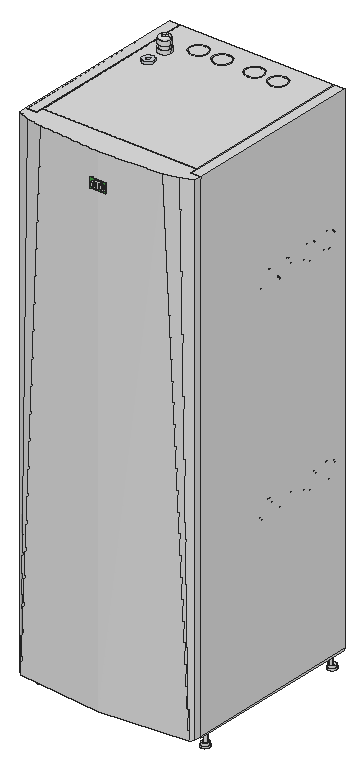
Revit family "HVAC_HeatPumpBW_Enertech_CTC-EcoPart-400_Basic", category Specialty Equipment, Revit 2020 (continued)
Automatic sketch dimensions
  curve 345 to curve 347 = 1.414 mm
  plane 8 to curve 167 = 40.305 mm
  curve 166 to curve 167 = 2.332 mm
  level to curve 346 = 26.828 mm
  curve 165 to curve 170 = 4.096 mm
  curve 284 to curve 290 = 27.466 mm
  curve 279 to curve 286 = 27.466 mm
  curve 203 to curve 206 = 27.466 mm
  curve 198 to curve 210 = 27.466 mm
  curve 206 to curve 200 = 1 mm
  curve 284 to curve 275 = 28.466 mm
  curve 278 to curve 289 = 2 mm
  curve 286 to curve 285 = 2 mm
  curve 198 to curve 209 = 2 mm
  curve 199 to curve 205 = 2 mm
  curve 167 to curve 176 = 6.7 mm
  level to curve 347 = 16.828 mm
  curve 345 to curve 347 = 8.587 mm
  level to curve 346 = 18.242 mm
  curve 348 to curve 346 = 1.414 mm
  curve 349 to curve 348 = 1.414 mm  (x2)
  level to curve 350 = 18.242 mm
  level to curve 351 = 16.828 mm
  level to curve 350 = 26.409 mm
  curve 349 to curve 350 = 8.167 mm
  curve 176 to curve 175 = 22.169 mm
  curve 195 to curve 207 = 28.466 mm
  curve 275 to curve 288 = 28.466 mm
  curve 287 to curve 276 = 0 mm
  curve 208 to curve 201 = 0 mm
  curve 201 to curve 207 = 2.001 mm
  curve 276 to curve 288 = 2.001 mm
  curve 208 to curve 202 = 0 mm
  curve 287 to curve 275 = 0 mm
  curve 175 to curve 160 = 4.936 mm
  curve 175 to curve 162 = 6.7 mm
  curve 162 to curve 161 = 2.332 mm
  curve 162 to curve 125 = 4.216 mm
  curve 195 to curve 188 = 19.066 mm
  curve 187 to curve 181 = 0 mm
  curve 275 to curve 300 = 19.066 mm
  curve 299 to curve 300 = 0 mm
  curve 296 to curve 299 = 2.001 mm
  curve 184 to curve 187 = 2.001 mm
  curve 300 to curve 295 = 0 mm
  curve 188 to curve 183 = 0 mm
  curve 295 to curve 302 = 27.466 mm
  curve 187 to curve 190 = 27.466 mm
  curve 188 to curve 194 = 27.466 mm
  curve 294 to curve 306 = 27.466 mm
  curve 190 to curve 182 = 1 mm
  curve 302 to curve 291 = 1 mm
  curve 190 to curve 189 = 2 mm
  curve 181 to curve 193 = 2 mm
  curve 294 to curve 305 = 2 mm
  curve 302 to curve 301 = 2 mm
  level to curve 140 = 4 mm
  curve 140 to plane 6 = 46.48 mm
  curve 179 to curve 191 = 28.466 mm
  curve 192 to curve 191 = 0 mm
  curve 291 to curve 303 = 28.466 mm
  curve 304 to curve 297 = 0 mm
  curve 140 to curve 307 = 2 mm
  curve 292 to curve 304 = 2.001 mm
  curve 303 to curve 291 = 0 mm
  curve 192 to curve 192 = 2.001 mm
  curve 191 to curve 179 = 0 mm
  curve 138 to curve 138 = 7.375 mm
  curve 142 to curve 311 = 10 mm
  curve 132 to curve 135 = 7.375 mm
  curve 135 to curve 136 = 2 mm
  curve 133 to plane 6 = 4 mm
  plane 6 to curve 111 = 1 mm
  plane 6 to curve 116 = 1 mm
  plane 6 to curve 108 = 1 mm
  curve 146 to curve 144 = 8 mm
  curve 139 to curve 139 = 8 mm
  curve 330 to curve 330 = 1.414 mm
  curve 316 to curve 316 = 1.414 mm
  curve 326 to curve 326 = 1.414 mm
  curve 153 to curve 143 = 0 mm
  curve 142 to curve 311 = 0 mm
  curve 154 to curve 355 = 24.5 mm
  curve 130 to curve 129 = 24.518 mm
  curve 331 to curve 254 = 573.124 mm
  curve 254 to curve 253 = 0 mm
  curve 253 to curve 286 = 0 mm
  curve 286 to curve 285 = 0 mm
  curve 282 to curve 301 = 0 mm
  curve 302 to curve 298 = 0 mm
  curve 253 to curve 269 = 0 mm
  curve 270 to curve 266 = 0 mm
  curve 270 to curve 270 = 2.001 mm
  curve 254 to curve 254 = 2.001 mm
  curve 286 to curve 286 = 2.001 mm
  curve 301 to curve 301 = 2.001 mm
  curve 283 to curve 284 = 2 mm
  curve 267 to curve 268 = 2 mm
  curve 250 to curve 256 = 2 mm
  curve 265 to curve 272 = 2 mm
  curve 296 to curve 300 = 2 mm
  curve 247 to curve 252 = 2 mm
  curve 287 to curve 288 = 2 mm
  curve 297 to curve 304 = 2 mm
  curve 221 to plane 8 = 460.467 mm
  curve 222 to curve 218 = 0 mm
  curve 237 to curve 216 = 0 mm
  curve 221 to curve 189 = 0 mm
  curve 190 to curve 186 = 0 mm
  curve 238 to curve 234 = 0 mm
  curve 206 to curve 184 = 0 mm
  curve 206 to curve 205 = 0 mm
  curve 206 to curve 206 = 2.001 mm
  curve 232 to curve 238 = 2.001 mm
  curve 190 to curve 190 = 2.001 mm
  curve 222 to curve 222 = 2.001 mm
  curve 234 to curve 240 = 2 mm
  curve 191 to curve 192 = 2 mm
  curve 200 to curve 204 = 2 mm
  curve 183 to curve 188 = 2 mm
  curve 232 to curve 236 = 2 mm
  curve 201 to curve 208 = 2 mm
  curve 218 to curve 224 = 2 mm
  curve 215 to curve 220 = 2 mm
  curve 129 to curve 105 = 199.429 mm
  curve 116 to curve 114 = 28 mm
  curve 113 to curve 112 = 22 mm
  curve 111 to curve 111 = 28 mm
  curve 110 to curve 107 = 22 mm
  curve 107 to curve 107 = 28 mm
  plane 8 to curve 159 = 11 mm
  curve 158 to curve 160 = 14.2 mm
  curve 162 to curve 123 = 6.695 mm
  plane 7 to curve 356 = 13.426 mm
  curve 356 to curve 355 = 9.24 mm
  curve 355 to curve 354 = 15.898 mm
  curve 353 to curve 155 = 4 mm
  curve 174 to curve 176 = 0 mm
  curve 174 to curve 175 = 0 mm  (x2)
  curve 142 to curve 312 = 19.518 mm
  Extrusion 26 sketch curve to plane 3 "Center (Left/Right)" = 135 mm  (x2)
  Extrusion 26 sketch curve to plane 3 "Center (Left/Right)" = 55 mm  (x2)
  plane 3 "Center (Left/Right)" to Extrusion 26 sketch curve = 54.984 mm  (x2)
  Extrusion 26 sketch curve to Extrusion 26 sketch curve = 80 mm  (x2)
  level to Extrusion 26 sketch curve = 630 mm
  Extrusion 26 sketch curve to Extrusion 26 sketch curve = 0 mm  (x6)
  Extrusion 26 sketch curve to plane 8 = 430 mm
  curve 436 to plane 8 = 118.325 mm
  radius of Extrusion 9 sketch curve = 14 mm  (x6)
  radius of Extrusion 9 sketch curve = 12.4 mm  (x6)
  radius of Extrusion 15 sketch curve = 5 mm  (x4)
  radius of Extrusion 19 sketch curve = 19.248 mm
  radius of Extrusion 19 sketch curve = 7.026 mm
  radius of Extrusion 21 sketch curve = 5.5 mm
  radius of Extrusion 23 sketch curve = 28.484 mm  (x4)
  radius of Extrusion 24 sketch curve = 28.484 mm  (x8)
  radius of Extrusion 25 sketch curve = 28.484 mm  (x8)
  radius of Extrusion 26 sketch curve = 28.484 mm  (x8)
Connectors
  electrical at (-205.108, 200.616, 1807), driven by "NumberOfPoles"
    settings: on cut or joined group of Revolve 20, Extrusion 21, index 1, voltage 0 V, apparent load 0 VA, apparent load phase1 0 VA, apparent load phase2 0 VA, apparent load phase3 0 VA, power factor 1, load classification "Other", number of poles 1, system type 31, power factor state 1, is connector primary yes, connector utility no, sub classification motor no, connector description ""
  electrical at (-205.108, 130.616, 1766)
    settings: on Extrusion 19, index 2, voltage 0 V, apparent load 0 VA, apparent load phase1 0 VA, apparent load phase2 0 VA, apparent load phase3 0 VA, power factor 1, load classification "Other", number of poles 1, system type 14, power factor state 1, is connector primary no, connector utility no, sub classification motor no, connector description ""
  piping at (-134.992, 257.55, 1757), diameter 28
    settings: on Extrusion 23, index 3, connector inside diameter 609.6 mm, connector length 0 mm, flow factor 0, pipe flow 0.0 L/s, pressure drop 0.0 Pa, fitting loss kfactor 0, connector angle 0.00°, fixture units 0, engagement length 0 mm, angle of deflection 0.00°, flow configuration 0, flow direction 1, fitting loss method 0, system type 19, joint type 0, gender type 0, connector reference index -1, connector utility 0, adjustable connector no, is connector primary yes, connector description ""
  piping at (-54.992, 257.55, 1757), diameter 28
    settings: on Extrusion 23, index 4, connector inside diameter 609.6 mm, connector length 0 mm, flow factor 0, pipe flow 0.0 L/s, pressure drop 0.0 Pa, fitting loss kfactor 0, connector angle 0.00°, fixture units 0, engagement length 0 mm, angle of deflection 0.00°, flow configuration 0, flow direction 2, fitting loss method 0, system type 19, joint type 0, gender type 0, connector reference index -1, connector utility 0, adjustable connector no, is connector primary no, connector description ""
  piping at (54.992, 257.55, 1757), diameter 28
    settings: on Extrusion 23, index 5, connector inside diameter 609.6 mm, connector length 0 mm, flow factor 0, pipe flow 0.0 L/s, pressure drop 0.0 Pa, fitting loss kfactor 0, connector angle 0.00°, fixture units 0, engagement length 0 mm, angle of deflection 0.00°, flow configuration 0, flow direction 2, fitting loss method 0, system type 22, joint type 0, gender type 0, connector reference index -1, connector utility 0, adjustable connector no, is connector primary no, connector description ""
  piping at (134.992, 257.55, 1757), diameter 28
    settings: on Extrusion 23, index 6, connector inside diameter 609.6 mm, connector length 0 mm, flow factor 0, pipe flow 0.0 L/s, pressure drop 0.0 Pa, fitting loss kfactor 0, connector angle 0.00°, fixture units 0, engagement length 0 mm, angle of deflection 0.00°, flow configuration 0, flow direction 1, fitting loss method 0, system type 22, joint type 0, gender type 0, connector reference index -1, connector utility 0, adjustable connector no, is connector primary no, connector description ""
  piping at (296, -4, 1330), diameter 28
    settings: on Extrusion 25, index 7, connector inside diameter 609.6 mm, connector length 0 mm, flow factor 0, pipe flow 0.0 L/s, pressure drop 0.0 Pa, fitting loss kfactor 0, connector angle 0.00°, fixture units 0, engagement length 0 mm, angle of deflection 0.00°, flow configuration 0, flow direction 1, fitting loss method 0, system type 19, joint type 0, gender type 0, connector reference index -1, connector utility 0, adjustable connector no, is connector primary no, connector description ""
  piping at (296, 76, 1330), diameter 28
    settings: on Extrusion 25, index 8, connector inside diameter 609.6 mm, connector length 0 mm, flow factor 0, pipe flow 0.0 L/s, pressure drop 0.0 Pa, fitting loss kfactor 0, connector angle 0.00°, fixture units 0, engagement length 0 mm, angle of deflection 0.00°, flow configuration 0, flow direction 2, fitting loss method 0, system type 19, joint type 0, gender type 0, connector reference index -1, connector utility 0, adjustable connector no, is connector primary no, connector description ""
  piping at (296, 185.984, 1330), diameter 28
    settings: on Extrusion 25, index 9, connector inside diameter 609.6 mm, connector length 0 mm, flow factor 0, pipe flow 0.0 L/s, pressure drop 0.0 Pa, fitting loss kfactor 0, connector angle 0.00°, fixture units 0, engagement length 0 mm, angle of deflection 0.00°, flow configuration 0, flow direction 2, fitting loss method 0, system type 22, joint type 0, gender type 0, connector reference index -1, connector utility 0, adjustable connector no, is connector primary no, connector description ""
  piping at (296, 262.484, 1330), diameter 28
    settings: on Extrusion 25, index 10, connector inside diameter 609.6 mm, connector length 0 mm, flow factor 0, pipe flow 0.0 L/s, pressure drop 0.0 Pa, fitting loss kfactor 0, connector angle 0.00°, fixture units 0, engagement length 0 mm, angle of deflection 0.00°, flow configuration 0, flow direction 1, fitting loss method 0, system type 22, joint type 0, gender type 0, connector reference index -1, connector utility 0, adjustable connector no, is connector primary no, connector description ""
  piping at (296, -4, 630), diameter 28
    settings: on Extrusion 25, index 11, connector inside diameter 609.6 mm, connector length 0 mm, flow factor 0, pipe flow 0.0 L/s, pressure drop 0.0 Pa, fitting loss kfactor 0, connector angle 0.00°, fixture units 0, engagement length 0 mm, angle of deflection 0.00°, flow configuration 0, flow direction 1, fitting loss method 0, system type 19, joint type 0, gender type 0, connector reference index -1, connector utility 0, adjustable connector no, is connector primary no, connector description ""
  piping at (296, 76, 630), diameter 28
    settings: on Extrusion 25, index 12, connector inside diameter 609.6 mm, connector length 0 mm, flow factor 0, pipe flow 0.0 L/s, pressure drop 0.0 Pa, fitting loss kfactor 0, connector angle 0.00°, fixture units 0, engagement length 0 mm, angle of deflection 0.00°, flow configuration 0, flow direction 2, fitting loss method 0, system type 19, joint type 0, gender type 0, connector reference index -1, connector utility 0, adjustable connector no, is connector primary no, connector description ""
  piping at (296, 185.984, 630), diameter 28
    settings: on Extrusion 25, index 13, connector inside diameter 609.6 mm, connector length 0 mm, flow factor 0, pipe flow 0.0 L/s, pressure drop 0.0 Pa, fitting loss kfactor 0, connector angle 0.00°, fixture units 0, engagement length 0 mm, angle of deflection 0.00°, flow configuration 0, flow direction 2, fitting loss method 0, system type 22, joint type 0, gender type 0, connector reference index -1, connector utility 0, adjustable connector no, is connector primary no, connector description ""
  piping at (296, 262.484, 630), diameter 28
    settings: on Extrusion 25, index 14, connector inside diameter 609.6 mm, connector length 0 mm, flow factor 0, pipe flow 0.0 L/s, pressure drop 0.0 Pa, fitting loss kfactor 0, connector angle 0.00°, fixture units 0, engagement length 0 mm, angle of deflection 0.00°, flow configuration 0, flow direction 1, fitting loss method 0, system type 22, joint type 0, gender type 0, connector reference index -1, connector utility 0, adjustable connector no, is connector primary no, connector description ""
  piping at (-296, -4, 1330), diameter 28
    settings: on Extrusion 24, index 15, connector inside diameter 609.6 mm, connector length 0 mm, flow factor 0, pipe flow 0.0 L/s, pressure drop 0.0 Pa, fitting loss kfactor 0, connector angle 0.00°, fixture units 0, engagement length 0 mm, angle of deflection 0.00°, flow configuration 0, flow direction 2, fitting loss method 0, system type 19, joint type 0, gender type 0, connector reference index -1, connector utility 0, adjustable connector no, is connector primary no, connector description ""
  piping at (-296, 76, 1330), diameter 28
    settings: on Extrusion 24, index 16, connector inside diameter 609.6 mm, connector length 0 mm, flow factor 0, pipe flow 0.0 L/s, pressure drop 0.0 Pa, fitting loss kfactor 0, connector angle 0.00°, fixture units 0, engagement length 0 mm, angle of deflection 0.00°, flow configuration 0, flow direction 2, fitting loss method 0, system type 19, joint type 0, gender type 0, connector reference index -1, connector utility 0, adjustable connector no, is connector primary no, connector description ""
  piping at (-296, 185.984, 1330), diameter 28
    settings: on Extrusion 24, index 17, connector inside diameter 609.6 mm, connector length 0 mm, flow factor 0, pipe flow 0.0 L/s, pressure drop 0.0 Pa, fitting loss kfactor 0, connector angle 0.00°, fixture units 0, engagement length 0 mm, angle of deflection 0.00°, flow configuration 0, flow direction 2, fitting loss method 0, system type 22, joint type 0, gender type 0, connector reference index -1, connector utility 0, adjustable connector no, is connector primary no, connector description ""
  piping at (-296, 262.484, 1330), diameter 28
    settings: on Extrusion 24, index 18, connector inside diameter 609.6 mm, connector length 0 mm, flow factor 0, pipe flow 0.0 L/s, pressure drop 0.0 Pa, fitting loss kfactor 0, connector angle 0.00°, fixture units 0, engagement length 0 mm, angle of deflection 0.00°, flow configuration 0, flow direction 2, fitting loss method 0, system type 22, joint type 0, gender type 0, connector reference index -1, connector utility 0, adjustable connector no, is connector primary no, connector description ""
  piping at (-296, 262.484, 630), diameter 28
    settings: on Extrusion 24, index 19, connector inside diameter 609.6 mm, connector length 0 mm, flow factor 0, pipe flow 0.0 L/s, pressure drop 0.0 Pa, fitting loss kfactor 0, connector angle 0.00°, fixture units 0, engagement length 0 mm, angle of deflection 0.00°, flow configuration 0, flow direction 2, fitting loss method 0, system type 22, joint type 0, gender type 0, connector reference index -1, connector utility 0, adjustable connector no, is connector primary no, connector description ""
  piping at (-296, 185.984, 630), diameter 28
    settings: on Extrusion 24, index 20, connector inside diameter 609.6 mm, connector length 0 mm, flow factor 0, pipe flow 0.0 L/s, pressure drop 0.0 Pa, fitting loss kfactor 0, connector angle 0.00°, fixture units 0, engagement length 0 mm, angle of deflection 0.00°, flow configuration 0, flow direction 2, fitting loss method 0, system type 22, joint type 0, gender type 0, connector reference index -1, connector utility 0, adjustable connector no, is connector primary no, connector description ""
  piping at (-296, 76, 630), diameter 28
    settings: on Extrusion 24, index 21, connector inside diameter 609.6 mm, connector length 0 mm, flow factor 0, pipe flow 0.0 L/s, pressure drop 0.0 Pa, fitting loss kfactor 0, connector angle 0.00°, fixture units 0, engagement length 0 mm, angle of deflection 0.00°, flow configuration 0, flow direction 2, fitting loss method 0, system type 19, joint type 0, gender type 0, connector reference index -1, connector utility 0, adjustable connector no, is connector primary no, connector description ""
  piping at (-296, -4, 630), diameter 28
    settings: on Extrusion 24, index 22, connector inside diameter 609.6 mm, connector length 0 mm, flow factor 0, pipe flow 0.0 L/s, pressure drop 0.0 Pa, fitting loss kfactor 0, connector angle 0.00°, fixture units 0, engagement length 0 mm, angle of deflection 0.00°, flow configuration 0, flow direction 2, fitting loss method 0, system type 19, joint type 0, gender type 0, connector reference index -1, connector utility 0, adjustable connector no, is connector primary no, connector description ""
  piping at (134.984, 338, 1330), diameter 28
    settings: on Extrusion 26, index 23, connector inside diameter 609.6 mm, connector length 0 mm, flow factor 0, pipe flow 0.0 L/s, pressure drop 0.0 Pa, fitting loss kfactor 0, connector angle 0.00°, fixture units 0, engagement length 0 mm, angle of deflection 0.00°, flow configuration 1, flow direction 1, fitting loss method 0, system type 19, joint type 0, gender type 0, connector reference index -1, connector utility 0, adjustable connector no, is connector primary no, connector description ""
  piping at (54.984, 338, 1330), diameter 28
    settings: on Extrusion 26, index 24, connector inside diameter 609.6 mm, connector length 0 mm, flow factor 0, pipe flow 0.0 L/s, pressure drop 0.0 Pa, fitting loss kfactor 0, connector angle 0.00°, fixture units 0, engagement length 0 mm, angle of deflection 0.00°, flow configuration 1, flow direction 2, fitting loss method 0, system type 19, joint type 0, gender type 0, connector reference index -1, connector utility 0, adjustable connector no, is connector primary no, connector description ""
  piping at (-55, 338, 1330), diameter 28
    settings: on Extrusion 26, index 25, connector inside diameter 609.6 mm, connector length 0 mm, flow factor 0, pipe flow 0.0 L/s, pressure drop 0.0 Pa, fitting loss kfactor 0, connector angle 0.00°, fixture units 0, engagement length 0 mm, angle of deflection 0.00°, flow configuration 1, flow direction 2, fitting loss method 0, system type 22, joint type 0, gender type 0, connector reference index -1, connector utility 0, adjustable connector no, is connector primary no, connector description ""
  piping at (-135, 338, 1330), diameter 28
    settings: on Extrusion 26, index 26, connector inside diameter 609.6 mm, connector length 0 mm, flow factor 0, pipe flow 0.0 L/s, pressure drop 0.0 Pa, fitting loss kfactor 0, connector angle 0.00°, fixture units 0, engagement length 0 mm, angle of deflection 0.00°, flow configuration 1, flow direction 1, fitting loss method 0, system type 22, joint type 0, gender type 0, connector reference index -1, connector utility 0, adjustable connector no, is connector primary no, connector description ""
  piping at (134.984, 338, 630), diameter 28
    settings: on Extrusion 26, index 27, connector inside diameter 609.6 mm, connector length 0 mm, flow factor 0, pipe flow 0.0 L/s, pressure drop 0.0 Pa, fitting loss kfactor 0, connector angle 0.00°, fixture units 0, engagement length 0 mm, angle of deflection 0.00°, flow configuration 1, flow direction 1, fitting loss method 0, system type 19, joint type 0, gender type 0, connector reference index -1, connector utility 0, adjustable connector no, is connector primary no, connector description ""
  piping at (54.984, 338, 630), diameter 28
    settings: on Extrusion 26, index 28, connector inside diameter 609.6 mm, connector length 0 mm, flow factor 0, pipe flow 0.0 L/s, pressure drop 0.0 Pa, fitting loss kfactor 0, connector angle 0.00°, fixture units 0, engagement length 0 mm, angle of deflection 0.00°, flow configuration 1, flow direction 2, fitting loss method 0, system type 19, joint type 0, gender type 0, connector reference index -1, connector utility 0, adjustable connector no, is connector primary no, connector description ""
  piping at (-55, 338, 630), diameter 28
    settings: on Extrusion 26, index 29, connector inside diameter 609.6 mm, connector length 0 mm, flow factor 0, pipe flow 0.0 L/s, pressure drop 0.0 Pa, fitting loss kfactor 0, connector angle 0.00°, fixture units 0, engagement length 0 mm, angle of deflection 0.00°, flow configuration 1, flow direction 2, fitting loss method 0, system type 22, joint type 0, gender type 0, connector reference index -1, connector utility 0, adjustable connector no, is connector primary no, connector description ""
  piping at (-135, 338, 630), diameter 28
    settings: on Extrusion 26, index 30, connector inside diameter 609.6 mm, connector length 0 mm, flow factor 0, pipe flow 0.0 L/s, pressure drop 0.0 Pa, fitting loss kfactor 0, connector angle 0.00°, fixture units 0, engagement length 0 mm, angle of deflection 0.00°, flow configuration 1, flow direction 1, fitting loss method 0, system type 22, joint type 0, gender type 0, connector reference index -1, connector utility 0, adjustable connector no, is connector primary no, connector description ""
Types (5, lengths in mm): name | Weight | WaterVolumeWaterSuply | WaterVolumeHeathingSystem | SpecifiedOutput | SoundPowerLWA | Sound pressureLPA 5m | Sound pressureLPA 1m | Sound pressureLPA 10m | SEERWarm | SEERModerate | SEERCold | SCOPWarm | SCOPModerate | SCOPCold | RefrigerantQuantity | RatedVoltage | RatedHeatOutputModerate | RatedCurrent | NumberOfPoles | NominalVoltage | ModelNumber | MaxStartingCurrent | ManufacturerName | Model | InPutPower | GroupFuse | EANNumber | CoolingModule_Bottom_Top | COPTop | COPBottom | COP | CO2Equivalent
  CTC EcoPart 425 Basic - 400V3N | "323 kg" | "N/A" | "N/A" | "24.43 kW" | "50 dB" | "N/A" | "45 dB" | "N/A" | "N/A" | "N/A" | "N/A" | "4.7" | "4.8" | "4.8" | "4.6 kg (2.7+1.9)" | 1200 V | "26 kW" | 21.1 A | 3 | 400 V | "587000011" | "49.7 A (32.0 + 17.7)" | "Enertech AB" | "CTC EcoPart 425 Basic" | "5.51 kW" | "25 A" | "7333077000608" | "417/408" | "4.58 / 3.64 / 2.99" | "4.36/3.61/3.07" | "4.43" | "8.160 tonnes"
  CTC EcoPart 425 Basic - 230V1N | "334 kg" | "n/a" | "n/a" | "24.44 kW" | "50 dB" | "n/a" | "45 dB" | "n/a" | "n/a" | "n/a" | "n/a" | "4.7" | "4.8" | "4.8" | "4.6 kg (2.7+1.9)" | 230 V | "26 kW" | 24 A | 1 | 230 V | "587001011" | "60.0 A (30.0 + 30.0)" | "CTC" | "CTC EcoPart 425 Basic" | "5.36 kW" | "25 A" | "7333077000653" | "414/410" | "4.60/3.68/2.98" | "4.54/3.64/2.95" | "4.56" | "8.160 tonnes"
  CTC EcoPart 430 Basic - 400V3N | "344 kg" | "N/A" | "N/A" | "27.99 kW" | "53 dB" | "N/A" | "48 dB" | "N/A" | "N/A" | "N/A" | "N/A" | "4.5" | "4.8" | "4.6" | "5.0 kg (2.7+2.3)" | 1200 V | "32 kw" | 23.5 A | 3 | 400 V | "587000012" | "55.5 A (32.0 + 23.5)" | "Enertech AB" | "CTC EcoPart 430 Basic" | "6.27 kW" | "25 A" | "7333077000615" | "417/408" | "4.58 / 3.64 / 2.99" | "4.36/3.61/3.07" | "4.46" | "8.870 tonnes"
  CTC EcoPart 435 Basic - 400V3N | "349 kg" | "N/A" | "N/A" | "32.48 kW" | "56 dB" | "N/A" | "51 dB" | "N/A" | "N/A" | "N/A" | "N/A" | "4.7" | "4.6" | "4.7" | "5.4 kg (2.7+2.7)" | 1200 V | "38 kW" | 27.8 A | 3 | 400 V | "587000013" | "64.0 A (32.0 +32.0)" | "Enertech AB" | "CTC EcoPart 435 Basic" | "7.44 kW" | "30 A" | "7333077000622" | "417/408" | "4.58 / 3.64 / 2.99" | "4.36/3.61/3.07" | "4.37" | "9.579 tonnes"
  CTC EcoPart 430 Basic - 230V1N | "355 kg" | "N/A" | "N/A" | "28.94 kW" | "53 dB" | "N/A" | "48 dB" | "N/A" | "N/A" | "N/A" | "N/A" | "4.5" | "4.8" | "4.6" | "5.4 kg (2.7+2.7)" | 1200 V | "32 kw" | 28 A | 3 | 400 V | "587001012" | "60.0 A (30.0 + 30.0)" | "Enertech AB" | "CTC EcoPart 430 Basic" | "6.38 kW" | "25 A" | "7333077000660" | "417/408" | "4.58 / 3.64 / 2.99" | "4.36/3.61/3.07" | "4.54" | "9.579 tonnes"
